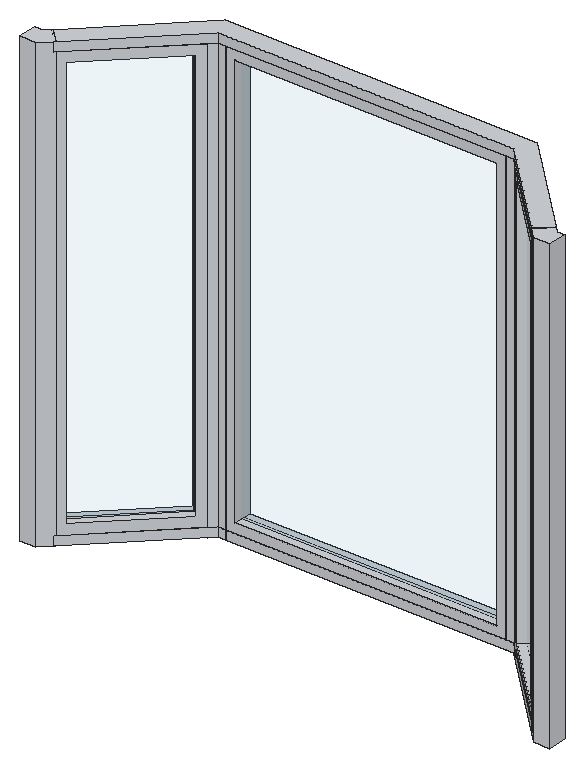
Revit family "W1_鋁窗", category Windows, host Wall, Revit 2013
Parameters (values of type "(50+100+50) x 145 cm")
  Thermal Resistance (R) = 0.271106 (m²·K)/W
  Visual Light Transmittance = 0.9
  Solar Heat Gain Coefficient = 0.78
  Construction Type Id = "GSP4R"
  Height = 145 cm
  Heat Transfer Coefficient (U) = 3.6886 W/(m²·K)
  預設窗台高度 = 105 cm
  Keynote = "固定窗-矩形"
  Rough Height = Height  # 145 cm
  Rough Width = Width  # 100 cm
  玻璃材質 = 玻璃
  Wall Closure = By host
  Width = 100 cm
  裝飾外框材料 = none
  裝飾外框寬度 = 3 cm
  裝飾外框厚度 = 6 cm
  Analytic Construction = "1/8 英吋 Pilkington 單層鑲嵌玻璃"
Reference planes (cm)
  plane 1: y = 0
  plane 2 "中心 (左/右)": x = 0
  plane 3 "左": x = -50
  plane 4 "右": x = 50
  plane 5 "窗台": z = 105
  plane 6 "標頭": z = 250
  plane 7 "外部": y = 7.5
  plane 8 "內部": y = -7.5
  plane 9: x = 85
  plane 10: x = -85
  plane 11: through (54.5944, -4.5858, 100) normal (-0.7071, -0.7071, 0)
  plane 12: through (50.0086, 0, 100) normal (0.9239, -0.3827, 0)
  plane 13: through (-54.5944, -4.5858, 100) normal (-0.7071, 0.7071, 0)
  plane 14: through (-50.0086, 0, 100) normal (0.9239, 0.3827, 0)
  plane 15: through (-83.2322, -36.7591, 100) normal (0.7071, 0.7071, 0)
  plane 16: through (85, -34.9914, 100) normal (0.7071, -0.7071, 0)
  plane 17: through (87.1213, -37.1127, 100) normal (0.7071, -0.7071, 0)
  plane 18: through (-85.3536, -38.8805, 100) normal (0.7071, 0.7071, 0)
  plane 19: z = 247
  plane 20: z = 108
  plane 21: z = 177.5
  plane 22: through (54.5944, -4.5858, 85) normal (-0.7071, -0.7071, 0)
  plane 23: through (50.0086, 0, 85) normal (0.9239, -0.3827, 0)
  plane 24: through (-54.5944, -4.5858, 85) normal (-0.7071, 0.7071, 0)
  plane 25: through (-50.0086, 0, 85) normal (0.9239, 0.3827, 0)
  plane 26: through (85, -34.9914, 100) normal (-0.7071, -0.7071, 0)
  plane 27: y = -34.9914
  plane 28: through (-75.4056, -33.8823, 100) normal (0.7071, -0.7071, 0)
  plane 29: through (-79.9914, -38.468, 100) normal (-0.9239, -0.3827, 0)
  plane 30: y = -34.9914
  plane 31: through (-79.7132, -38.1899, 85) normal (0.7071, -0.7071, 0)
  plane 32: through (-84.299, -42.7756, 85) normal (-0.9239, -0.3827, 0)
  plane 33: through (79.7132, -38.1899, 100) normal (0.7071, 0.7071, 0)
  plane 34: through (79.9914, -38.468, 100) normal (-0.9239, 0.3827, 0)
  plane 35: through (79.7132, -38.1899, 85) normal (0.7071, 0.7071, 0)
  plane 36: through (84.299, -42.7756, 85) normal (-0.9239, 0.3827, 0)
Forms (cm)
  Extrusion 1, solid
    sketch origin (0, 0, 0) x (1, 0, 0) y (0, 1, 0)
      loop
        line (45, 0) -> (45, -6) -> (47.5233, -6) -> (49.3076, -7.7843) -> (53.5503, -3.5416) -> (50.0086, 0) -> (45, 0)
    from 247 to 105
  Extrusion 2, solid
    sketch origin (0, 0, 0) x (-1, 0, 0) y (0, -1, 0)
      loop
        line (45, 0) -> (50.0086, 0) -> (53.5503, 3.5416) -> (49.3076, 7.7843) -> (47.5233, 6) -> (45, 6) -> (45, 0)
    from 247 to 105
  Extrusion 3, solid
    sketch origin (0, 0, 0) x (1, 0, 0) y (0, 1, 0)
      loop
        line (-50.0086, 0) -> (-80.9546, -30.946) -> (-76.712, -35.1886) -> (-47.5233, -6) -> (47.5233, -6) -> (76.4497, -34.9264) -> (80.6924, -30.6838) -> (50.0086, 0) -> (-50.0086, 0)
    from 250 to 247
  Extrusion 4, solid
    sketch origin (0, 0, 0) x (1, 0, 0) y (0, 1, 0)
      loop
        line (-50.0086, 0) -> (-80.9546, -30.946) -> (-76.712, -35.1886) -> (-47.5233, -6) -> (47.5233, -6) -> (76.4497, -34.9264) -> (80.6924, -30.6838) -> (50.0086, 0) -> (-50.0086, 0)
    from 108 to 105
  Extrusion 5, solid, not visible
    sketch origin (0, 0, -15) x (1, 0, 0) y (0, 1, 0)
      loop
        line (45, 0) -> (45, -6) -> (47.5233, -6) -> (49.3076, -7.7843) -> (53.5503, -3.5416) -> (50.0086, 0) -> (45, 0)
    from 247 to 105
  Extrusion 6, solid, not visible
    sketch origin (0, 0, -15) x (-1, 0, 0) y (0, -1, 0)
      loop
        line (45, 0) -> (50.0086, 0) -> (53.5503, 3.5416) -> (49.3076, 7.7843) -> (47.5233, 6) -> (45, 6) -> (45, 0)
    from 247 to 105
  Extrusion 7, solid, not visible
    sketch origin (0, 0, -15) x (1, 0, 0) y (0, 1, 0)
      loop
        line (-85, -34.9914) -> (-87.1213, -37.1127) -> (-82.8787, -41.3553) -> (-80.7574, -39.234) -> (-85, -34.9914)
      loop
        line (85, -34.9914) -> (80.7574, -39.234) -> (82.8787, -41.3553) -> (87.1213, -37.1127) -> (85, -34.9914)
    from 247 to 105
  Extrusion 8, solid, not visible
    sketch origin (0, 0, -15) x (1, 0, 0) y (0, 1, 0)
      loop
        line (-50.0086, 0) -> (-87.1213, -37.1127) -> (-82.8787, -41.3553) -> (-47.5233, -6) -> (47.5233, -6) -> (82.8787, -41.3553) -> (87.1213, -37.1127) -> (50.0086, 0) -> (-50.0086, 0)
    from 250 to 247
  Extrusion 9, solid, not visible
    sketch origin (0, 0, -15) x (1, 0, 0) y (0, 1, 0)
      loop
        line (-50.0086, 0) -> (-87.1213, -37.1127) -> (-82.8787, -41.3553) -> (-47.5233, -6) -> (47.5233, -6) -> (82.8787, -41.3553) -> (87.1213, -37.1127) -> (50.0086, 0) -> (-50.0086, 0)
    from 108 to 105
  Extrusion 10, solid
    sketch origin (-134.3076, -42.7756, 0) x (1, 0, 0) y (0, 1, 0)
      loop
        line (49.3076, 4.3076) -> (54.3162, 4.3076) -> (57.8579, 7.8492) -> (53.6152, 12.0919) -> (51.831, 10.3076) -> (49.3076, 10.3076) -> (49.3076, 4.3076)
    from 250 to 105
  Extrusion 11, solid, not visible
    sketch origin (-134.3076, -42.7756, -15) x (1, 0, 0) y (0, 1, 0)
      loop
        line (45, 0) -> (50.0086, 0) -> (53.5503, 3.5416) -> (49.3076, 7.7843) -> (47.5233, 6) -> (45, 6) -> (45, 0)
    from 250 to 105
  Extrusion 12, solid
    sketch origin (134.3076, -42.7756, 0) x (-1, 0, 0) y (0, -1, 0)
      loop
        line (49.3076, -4.3076) -> (49.3076, -10.3076) -> (51.831, -10.3076) -> (53.6152, -12.0919) -> (57.8579, -7.8492) -> (54.3162, -4.3076) -> (49.3076, -4.3076)
    from 250 to 105
  Extrusion 13, solid, not visible
    sketch origin (134.3076, -42.7756, -15) x (-1, 0, 0) y (0, -1, 0)
      loop
        line (45, 0) -> (45, -6) -> (47.5233, -6) -> (49.3076, -7.7843) -> (53.5503, -3.5416) -> (50.0086, 0) -> (45, 0)
    from 250 to 105
Lines and regions (cm)
  Opening 1
    outline origin (350, -7.5, 0) x (1, 0, 0) y (0, 0, 1)
      loop
        line (-300, 105) -> (-300, 250) -> (-400, 250) -> (-400, 105) -> (-300, 105)
  Opening 2, not visible
    outline origin (-500, 7.5, 0) x (-1, 0, 0) y (0, 0, 1)
      loop
        line (-550, 90) -> (-450, 90) -> (-450, 235) -> (-550, 235) -> (-550, 90)
  symbolic lines
    curve 1: line (85, -26.3762, 0) -> (107.7629, -3.6133, 0)
    curve 2: line (-85, -26.9006, 0) -> (-108.2874, -3.6133, 0)
    curve 3: line (-82.8787, -24.7793, 0) -> (-106.1661, -1.4919, 0)
    curve 4: line (78.5711, -28.5624, 0) -> (105.6416, -1.4919, 0)
    curve 5: line (-106.1661, -1.4919, 0) -> (-108.2874, -3.6133, 0)
    curve 6: line (105.6416, -1.4919, 0) -> (107.7629, -3.6133, 0)
    curve 7: arc (57.1766, -7.1679, 0) -> (80.423, 4.0898, 0) -> (105.6416, -1.4919, 0) r 39.3483
    curve 8: arc (-60.8934, -3.5416, 0) -> (-83.2078, 4.594, 0) -> (-106.1661, -1.4919, 0) r 39.6259
  model lines
    curve 9: line (53.5503, -3.5416, 247) -> (80.7417, -30.7331, 177.6262)
    curve 10: line (80.7417, -30.7331, 177.6262) -> (53.5503, -3.5416, 108)
    curve 11: line (-53.5503, -3.5416, 247) -> (-80.9546, -30.946, 177.5)
    curve 12: line (-80.9546, -30.946, 177.5) -> (-53.5503, -3.5416, 108)
  model lines, not visible
    curve 13: line (53.5503, -3.5416, 232) -> (85, -34.9914, 162.5)
    curve 14: line (85, -34.9914, 162.5) -> (53.5503, -3.5416, 93)
    curve 15: line (-53.5503, -3.5416, 232) -> (-85, -34.9914, 162.5)
    curve 16: line (-85, -34.9914, 162.5) -> (-53.5503, -3.5416, 93)
Text (cm)
  text "外部" at (-196.3203, 133.2353, 0), in view "參考樓層"
  text "內部" at (-198.1466, -81.8386, 0), in view "參考樓層"
  text "外部" at (0, 92.3751, 294.3296), in view "右"
  text "外部" at (0, 104.0484, 268.5409), in view "左"
Dimensions and locks (cm)
  equal spacing: plane 3 "左", plane 2 "中心 (左/右)", plane 4 "右"
  "Width": plane 3 "左" to plane 4 "右"
  "Height": plane 5 "窗台" to plane 6 "標頭"
  "預設窗台高度": plane 5 "窗台" to level
  locked: plane 7 "外部" to host wall at 0
  locked: plane 8 "內部" to host wall
  plane 5 "窗台" to plane 20 = 3 cm
  plane 19 to plane 6 "標頭" = 3 cm
  equal spacing: plane 20, plane 21, plane 19
  aligned and locked: plane 1 to nested 1
  aligned and locked: nested 1 to Extrusion 2
  aligned and locked: nested 2 to curve 4
  aligned and locked: nested 3 to curve 3
  aligned and locked: nested 2 to curve 1
  aligned and locked: nested 3 to curve 2
  aligned and locked: plane 19 to nested 1  (x2)
  aligned and locked: plane 19 to nested 2  (x2)
  aligned and locked: plane 20 to nested 2
  aligned and locked: nested 3 to plane 19
Automatic sketch dimensions
  Opening 1 sketch curve to Opening 1 sketch curve = 100 cm
  Opening 1 sketch curve to Opening 1 sketch curve = 145 cm
  host wall to curve 2 = 3.6133 cm
  host wall to curve 1 = 3.6133 cm
  curve 2 to plane 10 = 0 cm
  curve 8 to plane 10 = 0 cm
  plane 26 to curve 7 = 0 cm
  plane 26 to curve 4 = 0 cm
  curve 7 to plane 9 = 0 cm
  curve 1 to plane 9 = 0 cm
  plane 16 to curve 7 = 0 cm
  curve 8 to plane 15 = 0 cm
  curve 3 to plane 10 = 2.1213 cm
  host wall to curve 8 = 3.5416 cm
  plane 12 to Extrusion 1 sketch curve = 0 cm  (x2)
  plane 11 to Extrusion 1 sketch curve = 0 cm  (x2)
  plane 12 to Extrusion 1 sketch curve = 2.3313 cm
  plane 11 to Extrusion 1 sketch curve = 6 cm
  Extrusion 1 sketch curve to Extrusion 1 sketch curve = 5.0086 cm
  plane 14 to Extrusion 2 sketch curve = 0 cm
  plane 13 to Extrusion 2 sketch curve = 0 cm  (x2)
  Extrusion 2 sketch curve to plane 14 = 0 cm
  Extrusion 2 sketch curve to plane 14 = 2.3313 cm
  Extrusion 2 sketch curve to plane 13 = 6 cm
  Extrusion 2 sketch curve to Extrusion 2 sketch curve = 5.0086 cm
  Extrusion 3 sketch curve to plane 27 = 4.0454 cm
  plane 27 to Extrusion 3 sketch curve = 0.1973 cm
  Extrusion 3 sketch curve to plane 27 = 34.9914 cm
  Extrusion 3 sketch curve to plane 27 = 28.9914 cm
  Extrusion 3 sketch curve to plane 27 = 0.065 cm
  Extrusion 3 sketch curve to plane 27 = 4.3076 cm
  Extrusion 3 sketch curve to Extrusion 3 sketch curve = 4.2426 cm
  Extrusion 3 sketch curve to Extrusion 3 sketch curve = 95.0467 cm
  Extrusion 3 sketch curve to Extrusion 3 sketch curve = 2.4853 cm
  Extrusion 4 sketch curve to plane 27 = 4.0454 cm
  plane 27 to Extrusion 4 sketch curve = 0.1973 cm
  Extrusion 4 sketch curve to plane 27 = 34.9914 cm
  Extrusion 4 sketch curve to plane 27 = 28.9914 cm
  Extrusion 4 sketch curve to plane 27 = 0.065 cm
  Extrusion 4 sketch curve to plane 27 = 4.3076 cm
  Extrusion 4 sketch curve to Extrusion 4 sketch curve = 4.2426 cm
  Extrusion 4 sketch curve to Extrusion 4 sketch curve = 95.0467 cm
  Extrusion 4 sketch curve to Extrusion 4 sketch curve = 2.4853 cm
  curve 10 to curve 9 = 79.5396 cm  (x2)
  curve 9 to curve 9 = 79.3188 cm  (x2)
  curve 12 to curve 11 = 79.5754 cm
  curve 11 to curve 11 = 79.5754 cm  (x2)
  curve 11 to curve 12 = 79.5754 cm
  Extrusion 10 sketch curve to plane 29 = 0 cm  (x2)
  plane 27 to Extrusion 10 sketch curve = 4.3076 cm
  Extrusion 10 sketch curve to plane 28 = 0 cm  (x2)
  plane 27 to Extrusion 10 sketch curve = 2.5233 cm
  Extrusion 10 sketch curve to Extrusion 10 sketch curve = 5.0086 cm
  Extrusion 12 sketch curve to plane 34 = 0 cm  (x2)
  Extrusion 12 sketch curve to plane 27 = 4.3076 cm
  Extrusion 12 sketch curve to plane 33 = 0 cm  (x2)
  Extrusion 12 sketch curve to plane 27 = 2.5233 cm
  Extrusion 12 sketch curve to Extrusion 12 sketch curve = 5.0086 cm
  Opening 2 sketch curve to Opening 2 sketch curve = 100 cm
  Opening 2 sketch curve to Opening 2 sketch curve = 145 cm
  plane 23 to Extrusion 5 sketch curve = 0 cm  (x2)
  plane 22 to Extrusion 5 sketch curve = 0 cm  (x2)
  plane 23 to Extrusion 5 sketch curve = 2.3313 cm
  plane 22 to Extrusion 5 sketch curve = 6 cm
  Extrusion 5 sketch curve to Extrusion 5 sketch curve = 5.0086 cm
  plane 25 to Extrusion 6 sketch curve = 0 cm
  plane 24 to Extrusion 6 sketch curve = 0 cm  (x2)
  Extrusion 6 sketch curve to plane 25 = 0 cm
  Extrusion 6 sketch curve to plane 25 = 2.3313 cm
  Extrusion 6 sketch curve to plane 24 = 6 cm
  Extrusion 6 sketch curve to Extrusion 6 sketch curve = 5.0086 cm
  plane 30 to Extrusion 7 sketch curve = 0 cm  (x2)
  plane 30 to Extrusion 7 sketch curve = 2.1213 cm
  plane 30 to Extrusion 7 sketch curve = 6.364 cm  (x2)
  plane 30 to Extrusion 7 sketch curve = 4.2426 cm
  Extrusion 7 sketch curve to Extrusion 7 sketch curve = 2.1213 cm  (x2)
  Extrusion 7 sketch curve to Extrusion 7 sketch curve = 161.5147 cm
  plane 30 to Extrusion 8 sketch curve = 2.1213 cm  (x2)
  plane 30 to Extrusion 8 sketch curve = 6.364 cm  (x2)
  Extrusion 8 sketch curve to plane 30 = 34.9914 cm
  Extrusion 8 sketch curve to plane 30 = 28.9914 cm
  Extrusion 8 sketch curve to Extrusion 8 sketch curve = 4.2426 cm
  Extrusion 8 sketch curve to Extrusion 8 sketch curve = 95.0467 cm
  Extrusion 8 sketch curve to Extrusion 8 sketch curve = 2.4853 cm
  plane 30 to Extrusion 9 sketch curve = 2.1213 cm  (x2)
  plane 30 to Extrusion 9 sketch curve = 6.364 cm  (x2)
  Extrusion 9 sketch curve to plane 30 = 34.9914 cm
  Extrusion 9 sketch curve to plane 30 = 28.9914 cm
  Extrusion 9 sketch curve to Extrusion 9 sketch curve = 4.2426 cm
  Extrusion 9 sketch curve to Extrusion 9 sketch curve = 95.0467 cm
  Extrusion 9 sketch curve to Extrusion 9 sketch curve = 2.4853 cm
  curve 14 to curve 13 = 44.4767 cm
  curve 13 to curve 13 = 44.4767 cm
  curve 14 to curve 13 = 69.5 cm
  curve 13 to curve 13 = 69.5 cm
  curve 16 to curve 15 = 44.4767 cm
  curve 15 to curve 15 = 44.4767 cm
  curve 15 to curve 15 = 69.5 cm
  curve 15 to curve 16 = 69.5 cm
  Extrusion 11 sketch curve to plane 32 = 0 cm  (x2)
  plane 30 to Extrusion 11 sketch curve = 0 cm
  Extrusion 11 sketch curve to plane 31 = 0 cm  (x2)
  Extrusion 11 sketch curve to plane 30 = 1.7843 cm
  Extrusion 11 sketch curve to Extrusion 11 sketch curve = 5.0086 cm
  Extrusion 13 sketch curve to Extrusion 13 sketch curve = 2.5233 cm
  Extrusion 13 sketch curve to Extrusion 13 sketch curve = 1.7843 cm  (x2)
  Extrusion 13 sketch curve to Extrusion 13 sketch curve = 5.0086 cm
  Extrusion 13 sketch curve to Extrusion 13 sketch curve = 3.5416 cm
  plane 3 "左" to Opening 1 sketch curve = 0 cm
  Opening 1 sketch curve to plane 5 "窗台" = 0 cm
  plane 18 to Extrusion 3 sketch curve = 8.721 cm
  plane 18 to Extrusion 4 sketch curve = 8.721 cm
  curve 10 to plane 20 = 0 cm
  curve 9 to plane 19 = 0 cm
  plane 21 to curve 10 = 0.1262 cm
  curve 10 to plane 16 = 44.4767 cm
  curve 9 to plane 16 = 44.4767 cm
  curve 10 to plane 16 = 6.0222 cm
  curve 12 to plane 20 = 0 cm
  curve 11 to plane 19 = 0 cm
  curve 11 to plane 21 = 0 cm
  plane 15 to curve 12 = 44.4767 cm
  plane 15 to curve 11 = 44.4767 cm
  plane 15 to curve 12 = 5.721 cm
Nested families (cm)
  nested 1: "窗框" at (-26.7428, 91.9367, 8), type "窗框"
    with Height 139 cm, Width 90 cm, 裝飾外框寬度 3 cm
  nested 2: "窗框" at (113.4765, 66.5502, 8) x (0.7071, -0.7071, 0) z (0, 0, 1), type "窗框"
    with Height 139 cm, Width 37.6604 cm, 裝飾外框寬度 3 cm
  nested 3: "窗框" at (-113.3515, 66.6752, 8) x (-0.7071, -0.7071, 0) z (0, 0, 1), type "窗框"
    with Height 139 cm, Width 38.7556 cm, 裝飾外框寬度 3 cm
  nested 4: "窗框" at (-26.7428, 91.9367, -7), type "窗框", not visible
    with Height 139 cm, Width 90 cm, 裝飾外框寬度 3 cm
  nested 5: "窗框" at (115.3742, 64.6526, -7) x (0.7071, -0.7071, 0) z (0, 0, 1), type "窗框", not visible
    with Height 139 cm, Width 44.4767 cm, 裝飾外框寬度 3 cm
  nested 6: "窗框" at (-115.3742, 64.6526, -7) x (-0.7071, -0.7071, 0) z (0, 0, 1), type "窗框", not visible
    with Height 139 cm, Width 44.4767 cm, 裝飾外框寬度 3 cm
Definition of nested family "窗框"
  Parameters (values of type "窗框")
    Height [instance] = 50 cm
    護桿寬度 = 2 cm
    護桿厚度 = 1 cm
    Analytic Construction = "<無>"
    Rough Height = 50 cm
    Rough Width = 60 cm
    Width [instance] = 60 cm
    裝飾外框材料 = none
    玻璃材質 = 玻璃
    玻璃厚度 = 1 cm
    裝飾外框寬度 = 6 cm
    裝飾外框厚度 = 6 cm
    Assembly Code = ""
  Reference planes (cm)
    plane 1 "中心 (前/後)": y = -91.9367
    plane 2: z = 0
    plane 3 "中心 (左/右)": x = 26.7428
    plane 4 "玻璃-上": y = -94.4367
    plane 5 "玻璃-下": y = -95.4367
    plane 6: y = -97.9367
    plane 7: x = -3.2572
    plane 8: x = 56.7428
    plane 9: x = 2.7428
    plane 10: x = 50.7428
    plane 11: z = 144
    plane 12: z = 150
    plane 13: z = 106
    plane 14: z = 100
    plane 15: y = -94.9367
  Forms (cm)
    Extrusion 1, solid, material "玻璃" <- "玻璃材質"
      sketch origin (-149.9274, -94.9367, 120) x (-1, 0, 0) y (0, 0, 1)
        loop
          line (-152.6702, 24) -> (-200.6702, 24) -> (-200.6702, -14) -> (-152.6702, -14) -> (-152.6702, 24)
      from -0.5 to 0.5
    Extrusion 2, solid, material <- "裝飾外框材料"
      sketch origin (-149.9274, -94.9367, 120) x (-1, 0, 0) y (0, 0, 1)
        loop
          line (-146.6702, 30) -> (-206.6702, 30) -> (-206.6702, -20) -> (-146.6702, -20) -> (-146.6702, 30)
        loop
          line (-152.6702, 24) -> (-200.6702, 24) -> (-200.6702, -14) -> (-152.6702, -14) -> (-152.6702, 24)
      from -3 to 3
  Dimensions and locks (cm)
    equal spacing: plane 10, plane 3 "中心 (左/右)", plane 9
    "裝飾外框寬度": plane 8 to plane 10
    "裝飾外框寬度": plane 9 to plane 7
    "裝飾外框寬度": plane 12 to plane 11
    "Width": plane 8 to plane 7
    "裝飾外框寬度": plane 13 to plane 14
    "Height": plane 12 to plane 14
    plane 14 to level = 100 cm
    equal spacing: plane 4 "玻璃-上", plane 15, plane 5 "玻璃-下"
    "玻璃厚度": plane 4 "玻璃-上" to plane 5 "玻璃-下"
    equal spacing: plane 6, plane 15, plane 1 "中心 (前/後)"
    "裝飾外框厚度": plane 6 to plane 1 "中心 (前/後)"
    aligned and locked: Extrusion 1 sketch curve to plane 11
    aligned and locked: plane 9 to Extrusion 1 sketch curve
    aligned and locked: Extrusion 1 sketch curve to plane 10
    aligned and locked: plane 13 to Extrusion 1 sketch curve
    aligned and locked: plane 7 to Extrusion 2 sketch curve
    aligned and locked: Extrusion 2 sketch curve to plane 12
    aligned and locked: Extrusion 2 sketch curve to plane 8
    aligned and locked: plane 9 to Extrusion 2 sketch curve
    aligned and locked: plane 13 to Extrusion 2 sketch curve
    aligned and locked: Extrusion 2 sketch curve to plane 10
    aligned and locked: Extrusion 2 sketch curve to plane 11
    aligned and locked: Extrusion 2 sketch curve to plane 14
    aligned and locked: plane 2 to level
    aligned and locked: plane 6 to Extrusion 2
    aligned and locked: plane 1 "中心 (前/後)" to Extrusion 2
    aligned and locked: plane 5 "玻璃-下" to Extrusion 1
    aligned and locked: plane 4 "玻璃-上" to Extrusion 1
